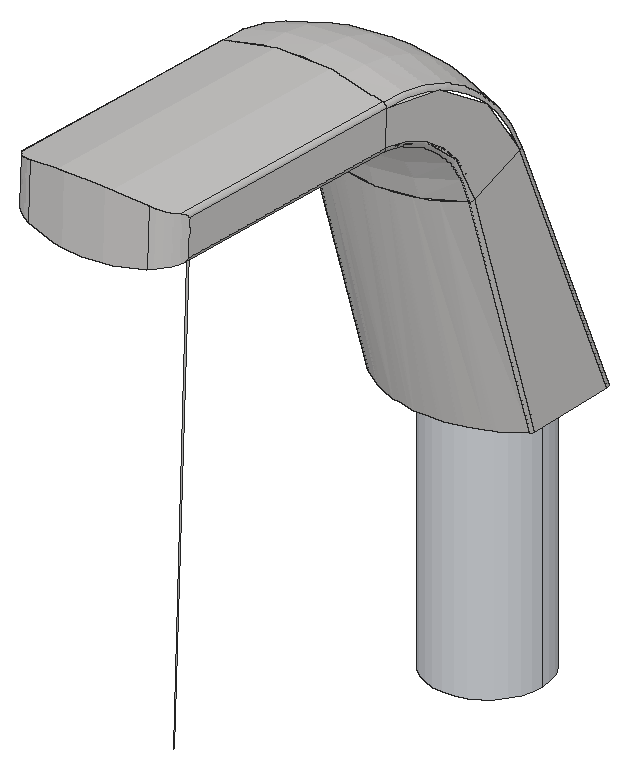
Revit family "TSL.R010", category Specialty Equipment, host Face, Revit 2017 (continued)
Definition of nested family "Family3"
  Lines and regions (mm)
    model lines, in view "Ref. Level"
      curve 543: line (11.204, -369.697, 0) -> (15.58, -369.697, 0)
      curve 544: line (15.58, -369.697, 0) -> (15.58, -369.225, 0)
      curve 545: line (15.58, -369.225, 0) -> (10.889, -369.225, 0)
      curve 546: line (167.716, -190.618, 0) -> (169.78, -192.752, 0)
      curve 547: line (150.46, -192.752, 0) -> (152.524, -190.618, 0)
      curve 548: line (163.985, -190.618, 0) -> (164.983, -192.753, 0)
      curve 549: line (163.985, -190.618, 0) -> (164.983, -192.753, 0)
      curve 550: line (156.386, -190.618, 0) -> (155.389, -192.752, 0)
      curve 551: line (156.386, -190.618, 0) -> (155.389, -192.752, 0)
      curve 552: line (155.385, -195.551, 0) -> (155.385, -192.752, 0)
      curve 553: line (155.385, -192.752, 0) -> (155.385, -195.551, 0)
      curve 554: line (164.983, -195.551, 0) -> (164.983, -192.753, 0)
      curve 555: line (164.983, -192.753, 0) -> (164.983, -195.551, 0)
      curve 556: line (163.252, -232.731, 0) -> (157.123, -232.731, 0)
      curve 557: line (157.123, -232.731, 0) -> (157.123, -257.624, 0)
      curve 558: line (157.123, -257.624, 0) -> (163.252, -257.624, 0)
      curve 559: line (163.252, -257.624, 0) -> (163.252, -232.731, 0)
      curve 560: line (139.261, -232.731, 0) -> (180.975, -232.731, 0)
      curve 561: line (180.975, -232.731, 0) -> (180.975, -210.343, 0)
      curve 562: line (180.975, -210.343, 0) -> (139.261, -210.343, 0)
      curve 563: line (139.261, -210.343, 0) -> (139.261, -232.731, 0)
      curve 564: line (150.459, -192.752, 0) -> (169.78, -192.752, 0)
      curve 565: line (169.78, -192.752, 0) -> (150.459, -192.752, 0)
      curve 566: line (150.459, -192.752, 0) -> (150.459, -195.551, 0)
      curve 567: line (150.459, -195.551, 0) -> (169.78, -195.551, 0)
      curve 568: line (169.78, -195.551, 0) -> (169.78, -192.752, 0)
      curve 569: line (167.716, -190.618, 0) -> (152.524, -190.618, 0)
      curve 570: line (170.848, -205.81, 0) -> (149.391, -205.81, 0)
      curve 571: line (149.391, -205.81, 0) -> (149.391, -195.551, 0)
      curve 572: line (149.391, -195.551, 0) -> (170.848, -195.551, 0)
      curve 573: line (170.848, -195.551, 0) -> (170.848, -205.81, 0)
      curve 574: line (168.049, -205.81, 0) -> (152.322, -205.81, 0)
      curve 575: line (152.322, -205.81, 0) -> (152.322, -210.343, 0)
      curve 576: line (152.322, -210.343, 0) -> (168.049, -210.343, 0)
      curve 577: line (168.049, -210.343, 0) -> (168.049, -205.81, 0)
      curve 578: line (180.043, -232.731, 0) -> (140.328, -232.731, 0)
      curve 579: line (140.328, -232.731, 0) -> (180.043, -232.731, 0)
      curve 580: line (139.261, -232.731, 0) -> (181.107, -232.731, 0)
      curve 581: line (181.107, -232.731, 0) -> (139.261, -232.731, 0)
      curve 582: line (153.122, -205.81, 0) -> (167.514, -205.81, 0)
      curve 583: line (157.519, -205.81, 0) -> (149.391, -205.81, 0)
      curve 584: line (149.391, -205.81, 0) -> (170.848, -205.81, 0)
      curve 585: line (182.044, -303.669, 0) -> (180.712, -306.402, 0)
      curve 586: arc (62.307, -268.349, 0) -> (73.739, -252.585, 0) -> (92.257, -246.562, 0) r 31.48
      curve 587: arc (116.167, -246.562, 0) -> (125.434, -249.579, 0) -> (131.148, -257.473, 0) r 15.74
      curve 588: arc (177.574, -414.407, 0) -> (175.285, -417.541, 0) -> (171.593, -418.737, 0) r 6.296
      curve 589: line (180.712, -403.217, 0) -> (180.249, -406.132, 0)
      curve 590: line (180.712, -300.928, 0) -> (182.044, -303.669, 0)
      curve 591: arc (140.868, -279.748, 0) -> (138.963, -279.248, 0) -> (137.684, -277.749, 0) r 3.292
      curve 592: arc (84.225, -286.058, 0) -> (78.341, -283.799, 0) -> (75.841, -278.014, 0) r 8.129
      curve 593: arc (75.841, -278.014, 0) -> (82.23, -261.722, 0) -> (98.226, -254.624, 0) r 23.031
      curve 594: arc (106.619, -254.624, 0) -> (119.733, -259.491, 0) -> (126.473, -271.749, 0) r 20.047
      curve 595: arc (126.566, -274.793, 0) -> (125.008, -278.281, 0) -> (121.675, -280.148, 0) r 6.074
      curve 596: arc (70.762, -278.014, 0) -> (75.479, -264.104, 0) -> (86.478, -254.371, 0) r 28.595
      curve 597: arc (86.478, -254.371, 0) -> (92.186, -252.335, 0) -> (98.184, -251.476, 0) r 30.296
      curve 598: arc (106.617, -251.476, 0) -> (121.861, -257.17, 0) -> (129.614, -271.477, 0) r 23.195
      curve 599: arc (156.592, -300.939, 0) -> (159.323, -303.669, 0) -> (156.592, -306.4, 0) r 2.731
      curve 600: arc (81.296, -306.4, 0) -> (78.566, -303.669, 0) -> (81.296, -300.939, 0) r 2.731
      curve 601: line (182.044, -397.629, 0) -> (180.712, -400.361, 0)
      curve 602: line (180.712, -394.888, 0) -> (182.044, -397.629, 0)
      curve 603: arc (156.592, -394.898, 0) -> (159.323, -397.629, 0) -> (156.592, -400.36, 0) r 2.731
      curve 604: arc (81.296, -400.36, 0) -> (78.566, -397.629, 0) -> (81.296, -394.898, 0) r 2.731
      curve 605: line (55.845, -303.669, 0) -> (57.177, -306.402, 0)
      curve 606: arc (66.296, -418.737, 0) -> (62.604, -417.541, 0) -> (60.315, -414.407, 0) r 6.296
      curve 607: line (57.177, -403.217, 0) -> (57.64, -406.132, 0)
      curve 608: line (57.177, -300.928, 0) -> (55.845, -303.669, 0)
      curve 609: line (92.257, -246.562, 0) -> (116.167, -246.562, 0)
      curve 610: line (131.148, -257.473, 0) -> (137.684, -277.749, 0)
      curve 611: line (171.593, -418.737, 0) -> (66.296, -418.737, 0)
      curve 612: line (180.312, -406.079, 0) -> (177.574, -414.407, 0)
      curve 613: line (180.712, -306.402, 0) -> (180.712, -394.888, 0)
      curve 614: line (180.712, -400.361, 0) -> (180.712, -403.28, 0)
      curve 615: line (180.712, -300.928, 0) -> (180.712, -294.694, 0)
      curve 616: line (180.712, -294.694, 0) -> (180.048, -289.076, 0)
      curve 617: line (180.048, -289.076, 0) -> (178.402, -279.748, 0)
      curve 618: line (179.516, -279.748, 0) -> (140.868, -279.748, 0)
      curve 619: line (140.868, -279.748, 0) -> (140.868, -277.282, 0)
      curve 620: line (140.868, -277.282, 0) -> (179.516, -277.282, 0)
      curve 621: line (179.516, -277.282, 0) -> (179.516, -279.748, 0)
      curve 622: line (176.979, -257.624, 0) -> (143.396, -257.624, 0)
      curve 623: line (143.396, -257.624, 0) -> (143.396, -277.282, 0)
      curve 624: line (143.396, -277.282, 0) -> (176.979, -277.282, 0)
      curve 625: line (176.979, -277.282, 0) -> (176.979, -257.624, 0)
      curve 626: line (121.675, -280.148, 0) -> (84.225, -286.058, 0)
      curve 627: line (98.226, -254.624, 0) -> (106.619, -254.624, 0)
      curve 628: line (126.473, -271.749, 0) -> (126.566, -274.793, 0)
      curve 629: line (98.184, -251.476, 0) -> (106.617, -251.476, 0)
      curve 630: line (129.614, -271.477, 0) -> (129.719, -274.881, 0)
      curve 631: line (156.592, -300.939, 0) -> (81.296, -300.939, 0)
      curve 632: line (156.592, -306.4, 0) -> (81.296, -306.4, 0)
      curve 633: line (156.592, -394.898, 0) -> (81.296, -394.898, 0)
      curve 634: line (156.592, -400.36, 0) -> (81.296, -400.36, 0)
      curve 635: line (57.577, -406.079, 0) -> (60.315, -414.407, 0)
      curve 636: line (57.177, -306.402, 0) -> (57.177, -394.888, 0)
      curve 637: line (57.177, -400.361, 0) -> (57.177, -403.28, 0)
      curve 638: line (57.177, -300.928, 0) -> (57.177, -294.694, 0)
      curve 639: line (55.845, -397.629, 0) -> (57.177, -400.361, 0)
      curve 640: line (57.177, -394.888, 0) -> (55.845, -397.629, 0)
      curve 641: arc (57.177, -294.694, 0) -> (58.987, -281.375, 0) -> (62.307, -268.349, 0) r 117.476
      curve 642: arc (26.493, 191.711, 0) -> (25.63, 190.458, 0) -> (26.491, 189.205, 0) r 1.342
      curve 643: arc (21.489, 191.711, 0) -> (22.352, 190.458, 0) -> (21.491, 189.205, 0) r 1.342
      curve 644: line (27.629, 197.065, 0) -> (26.697, 192.536, 0)
      curve 645: line (26.614, 192.536, 0) -> (26.493, 191.711, 0)
      curve 646: line (23.991, 197.862, 0) -> (27.458, 197.862, 0)
      curve 647: line (27.458, 197.862, 0) -> (27.723, 197.733, 0)
      curve 648: line (27.723, 197.733, 0) -> (27.458, 198.397, 0)
      curve 649: line (27.458, 198.397, 0) -> (23.991, 198.397, 0)
      curve 650: line (23.991, 198.397, 0) -> (20.523, 198.397, 0)
      curve 651: line (20.523, 198.397, 0) -> (20.523, 197.862, 0)
      curve 652: line (20.523, 197.862, 0) -> (23.991, 197.862, 0)
      curve 653: line (23.991, 197.862, 0) -> (27.723, 197.733, 0)
      curve 654: line (27.723, 197.733, 0) -> (27.723, 197.065, 0)
      curve 655: line (27.723, 197.065, 0) -> (23.991, 197.065, 0)
      curve 656: line (23.991, 197.065, 0) -> (20.259, 197.065, 0)
      curve 657: line (20.259, 197.065, 0) -> (20.259, 197.733, 0)
      curve 658: line (20.259, 197.733, 0) -> (23.991, 197.733, 0)
      curve 659: line (27.458, 198.397, 0) -> (27.723, 198.665, 0)
      curve 660: line (23.991, 200.261, 0) -> (20.259, 200.261, 0)
      curve 661: line (20.259, 200.261, 0) -> (20.259, 198.665, 0)
      curve 662: line (20.259, 198.665, 0) -> (23.991, 198.665, 0)
      curve 663: line (23.991, 198.665, 0) -> (27.723, 198.665, 0)
      curve 664: line (27.723, 198.665, 0) -> (27.723, 200.261, 0)
      curve 665: line (27.723, 200.261, 0) -> (23.991, 200.396, 0)
      curve 666: line (23.991, 200.396, 0) -> (20.523, 200.396, 0)
      curve 667: line (20.523, 200.396, 0) -> (20.523, 200.928, 0)
      curve 668: line (20.523, 200.928, 0) -> (23.991, 200.928, 0)
      curve 669: line (23.991, 200.928, 0) -> (27.458, 200.928, 0)
      curve 670: line (27.458, 200.928, 0) -> (27.458, 200.396, 0)
      curve 671: line (27.458, 200.396, 0) -> (27.723, 200.261, 0)
      curve 672: line (27.723, 200.261, 0) -> (23.991, 200.396, 0)
      curve 673: line (23.991, 201.196, 0) -> (27.458, 200.928, 0)
      curve 674: line (27.458, 200.928, 0) -> (27.723, 201.196, 0)
      curve 675: line (27.723, 201.196, 0) -> (27.723, 205.058, 0)
      curve 676: line (27.723, 205.058, 0) -> (23.991, 205.058, 0)
      curve 677: line (23.991, 205.058, 0) -> (20.259, 205.058, 0)
      curve 678: line (20.259, 205.058, 0) -> (20.259, 201.196, 0)
      curve 679: line (20.259, 201.196, 0) -> (23.991, 201.196, 0)
      curve 680: line (27.458, 205.193, 0) -> (27.723, 205.058, 0)
      curve 681: line (23.991, 205.729, 0) -> (27.458, 205.729, 0)
      curve 682: line (27.458, 205.729, 0) -> (27.723, 205.993, 0)
      curve 683: line (27.723, 205.993, 0) -> (27.458, 205.193, 0)
      curve 684: line (27.458, 205.193, 0) -> (23.991, 205.193, 0)
      curve 685: line (23.991, 205.193, 0) -> (20.523, 205.193, 0)
      curve 686: line (20.523, 205.193, 0) -> (20.523, 205.729, 0)
      curve 687: line (20.523, 205.729, 0) -> (23.991, 205.729, 0)
      curve 688: line (23.991, 205.729, 0) -> (27.723, 205.993, 0)
      curve 689: line (27.723, 205.993, 0) -> (27.723, 207.592, 0)
      curve 690: line (27.723, 207.592, 0) -> (23.991, 207.592, 0)
      curve 691: line (23.991, 207.592, 0) -> (20.259, 207.592, 0)
      curve 692: line (20.259, 207.592, 0) -> (20.259, 205.993, 0)
      curve 693: line (20.259, 205.993, 0) -> (23.991, 205.993, 0)
      curve 694: line (23.991, 207.857, 0) -> (20.523, 207.857, 0)
      curve 695: line (20.523, 207.857, 0) -> (20.523, 208.256, 0)
      curve 696: line (20.523, 208.256, 0) -> (23.991, 208.256, 0)
      curve 697: line (23.991, 208.256, 0) -> (27.458, 207.857, 0)
      curve 698: line (27.458, 207.857, 0) -> (27.723, 208.524, 0)
      curve 699: line (27.723, 208.524, 0) -> (27.458, 207.857, 0)
      curve 700: line (27.458, 207.857, 0) -> (27.723, 207.592, 0)
      curve 701: line (27.723, 207.592, 0) -> (23.991, 207.857, 0)
      curve 702: line (23.991, 208.524, 0) -> (27.723, 208.524, 0)
      curve 703: line (27.723, 208.524, 0) -> (27.723, 214.788, 0)
      curve 704: line (27.723, 214.788, 0) -> (23.991, 214.788, 0)
      curve 705: line (23.991, 214.788, 0) -> (20.259, 214.788, 0)
      curve 706: line (20.259, 214.788, 0) -> (20.259, 208.524, 0)
      curve 707: line (20.259, 208.524, 0) -> (23.991, 208.524, 0)
      curve 708: line (23.991, 186.406, 0) -> (26.488, 186.406, 0)
      curve 709: line (26.488, 186.406, 0) -> (26.488, 189.205, 0)
      curve 710: line (26.488, 189.205, 0) -> (23.991, 189.205, 0)
      curve 711: line (23.991, 189.205, 0) -> (21.491, 189.205, 0)
      curve 712: line (21.491, 189.205, 0) -> (21.491, 186.406, 0)
      curve 713: line (21.491, 186.406, 0) -> (23.991, 186.406, 0)
      curve 714: line (20.353, 197.065, 0) -> (21.284, 192.536, 0)
      curve 715: line (21.368, 192.536, 0) -> (21.489, 191.711, 0)
      curve 716: line (20.523, 197.862, 0) -> (20.259, 197.733, 0)
      curve 717: line (20.523, 198.397, 0) -> (20.259, 198.665, 0)
      curve 718: line (20.523, 200.396, 0) -> (20.259, 200.261, 0)
      curve 719: line (20.523, 200.928, 0) -> (20.259, 201.196, 0)
      curve 720: line (20.523, 205.193, 0) -> (20.259, 205.058, 0)
      curve 721: line (20.523, 205.729, 0) -> (20.259, 205.993, 0)
      curve 722: line (20.259, 208.524, 0) -> (20.523, 207.857, 0)
      curve 723: line (20.523, 207.857, 0) -> (20.259, 207.592, 0)
      curve 724: arc (21.592, 231.099, 0) -> (22.792, 229.9, 0) -> (21.592, 228.7, 0) r 1.199
      curve 725: arc (21.192, 212.71, 0) -> (20.86, 212.378, 0) -> (21.192, 212.046, 0) r 0.332
      curve 726: arc (21.192, 210.513, 0) -> (20.86, 210.181, 0) -> (21.192, 209.849, 0) r 0.332
      curve 727: arc (21.192, 208.314, 0) -> (20.86, 207.982, 0) -> (21.192, 207.65, 0) r 0.332
      curve 728: arc (26.789, 207.65, 0) -> (27.122, 207.982, 0) -> (26.789, 208.314, 0) r 0.332
      curve 729: arc (26.789, 209.849, 0) -> (27.122, 210.181, 0) -> (26.789, 210.513, 0) r 0.332
      curve 730: arc (26.789, 212.046, 0) -> (27.122, 212.378, 0) -> (26.789, 212.71, 0) r 0.332
      curve 731: arc (26.39, 228.7, 0) -> (25.19, 229.9, 0) -> (26.39, 231.099, 0) r 1.199
      curve 732: line (26.789, 207.651, 0) -> (21.192, 207.651, 0)
      curve 733: line (21.192, 207.651, 0) -> (21.192, 205.783, 0)
      curve 734: line (21.192, 205.783, 0) -> (23.991, 205.783, 0)
      curve 735: line (23.991, 205.783, 0) -> (26.789, 205.783, 0)
      curve 736: line (26.789, 205.783, 0) -> (26.789, 207.65, 0)
      curve 737: line (26.789, 208.314, 0) -> (26.789, 209.849, 0)
      curve 738: line (26.789, 209.849, 0) -> (21.192, 209.849, 0)
      curve 739: line (21.192, 209.849, 0) -> (21.192, 208.314, 0)
      curve 740: line (21.192, 208.314, 0) -> (26.789, 208.314, 0)
      curve 741: line (26.789, 210.513, 0) -> (26.789, 212.046, 0)
      curve 742: line (26.789, 212.046, 0) -> (21.192, 212.046, 0)
      curve 743: line (21.192, 212.046, 0) -> (21.192, 210.513, 0)
      curve 744: line (21.192, 210.513, 0) -> (26.789, 210.513, 0)
      curve 745: line (26.789, 212.71, 0) -> (21.192, 212.71, 0)
      curve 746: line (21.192, 212.71, 0) -> (21.192, 213.644, 0)
      curve 747: line (21.192, 213.644, 0) -> (20.793, 213.644, 0)
      curve 748: line (20.793, 213.644, 0) -> (20.793, 215.375, 0)
      curve 749: line (20.793, 215.375, 0) -> (21.192, 215.643, 0)
      curve 750: line (21.192, 215.643, 0) -> (21.192, 216.578, 0)
      curve 751: line (21.192, 216.578, 0) -> (21.057, 216.71, 0)
      curve 752: line (21.057, 216.71, 0) -> (21.057, 218.041, 0)
      curve 753: line (21.057, 218.041, 0) -> (21.192, 218.177, 0)
      curve 754: line (21.192, 218.177, 0) -> (21.192, 219.108, 0)
      curve 755: line (21.192, 219.108, 0) -> (21.057, 219.241, 0)
      curve 756: line (21.057, 219.241, 0) -> (21.057, 220.575, 0)
      curve 757: line (21.057, 220.575, 0) -> (21.328, 220.708, 0)
      curve 758: line (21.328, 220.708, 0) -> (21.328, 221.639, 0)
      curve 759: line (21.328, 221.639, 0) -> (20.928, 221.639, 0)
      curve 760: line (20.928, 221.639, 0) -> (20.928, 223.239, 0)
      curve 761: line (20.928, 223.239, 0) -> (21.328, 223.239, 0)
      curve 762: line (21.328, 223.239, 0) -> (21.328, 224.306, 0)
      curve 763: line (21.328, 224.306, 0) -> (20.928, 224.306, 0)
      curve 764: line (20.928, 224.438, 0) -> (21.328, 224.438, 0)
      curve 765: line (21.328, 224.438, 0) -> (21.592, 228.436, 0)
      curve 766: line (21.592, 228.436, 0) -> (21.592, 228.7, 0)
      curve 767: line (21.592, 228.7, 0) -> (26.39, 228.7, 0)
      curve 768: line (26.39, 228.7, 0) -> (26.39, 228.436, 0)
      curve 769: line (26.39, 228.436, 0) -> (26.654, 224.438, 0)
      curve 770: line (26.654, 224.438, 0) -> (27.054, 224.438, 0)
      curve 771: line (27.054, 224.306, 0) -> (26.654, 224.306, 0)
      curve 772: line (26.654, 224.306, 0) -> (26.654, 223.239, 0)
      curve 773: line (26.654, 223.239, 0) -> (27.054, 223.239, 0)
      curve 774: line (27.054, 223.239, 0) -> (27.054, 221.639, 0)
      curve 775: line (27.054, 221.639, 0) -> (26.654, 221.639, 0)
      curve 776: line (26.654, 221.639, 0) -> (26.654, 220.708, 0)
      curve 777: line (26.654, 220.708, 0) -> (26.925, 220.575, 0)
      curve 778: line (26.925, 220.575, 0) -> (26.925, 219.241, 0)
      curve 779: line (26.925, 219.241, 0) -> (26.789, 219.108, 0)
      curve 780: line (26.789, 219.108, 0) -> (26.789, 218.177, 0)
      curve 781: line (26.789, 218.177, 0) -> (26.925, 218.041, 0)
      curve 782: line (26.925, 218.041, 0) -> (26.925, 216.71, 0)
      curve 783: line (26.925, 216.71, 0) -> (26.789, 216.578, 0)
      curve 784: line (26.789, 216.578, 0) -> (26.789, 215.643, 0)
      curve 785: line (26.789, 215.643, 0) -> (27.189, 215.375, 0)
      curve 786: line (27.189, 215.375, 0) -> (27.189, 213.644, 0)
      curve 787: line (27.189, 213.644, 0) -> (26.789, 213.644, 0)
      curve 788: line (26.789, 213.644, 0) -> (26.789, 212.71, 0)
      curve 789: line (21.926, 234.033, 0) -> (21.592, 233.768, 0)
      curve 790: line (21.592, 233.768, 0) -> (21.592, 231.099, 0)
      curve 791: line (21.592, 231.099, 0) -> (26.39, 231.099, 0)
      curve 792: line (26.39, 231.099, 0) -> (26.39, 233.768, 0)
      curve 793: line (26.39, 233.768, 0) -> (26.056, 234.033, 0)
      curve 794: line (26.056, 234.033, 0) -> (21.926, 234.033, 0)
      curve 795: line (21.926, 234.033, 0) -> (26.39, 233.768, 0)
      curve 796: line (26.654, 224.306, 0) -> (21.328, 224.438, 0)
      curve 797: line (21.328, 224.438, 0) -> (26.654, 224.438, 0)
      curve 798: line (26.654, 223.239, 0) -> (21.328, 223.239, 0)
      curve 799: line (21.328, 221.639, 0) -> (26.654, 221.639, 0)
      curve 800: line (26.654, 220.708, 0) -> (21.328, 220.708, 0)
      curve 801: line (21.328, 220.708, 0) -> (26.925, 220.575, 0)
      curve 802: line (26.789, 219.108, 0) -> (21.057, 219.241, 0)
      curve 803: line (21.057, 219.241, 0) -> (26.925, 219.241, 0)
      curve 804: line (26.789, 218.177, 0) -> (21.057, 218.044, 0)
      curve 805: line (21.057, 218.044, 0) -> (26.925, 218.044, 0)
      curve 806: line (26.789, 216.574, 0) -> (21.057, 216.707, 0)
      curve 807: line (21.057, 216.707, 0) -> (26.925, 216.707, 0)
      curve 808: line (27.189, 215.375, 0) -> (21.192, 215.643, 0)
      curve 809: line (21.192, 215.643, 0) -> (26.789, 215.643, 0)
      curve 810: line (21.192, 213.644, 0) -> (26.789, 213.644, 0)
      curve 811: arc (3.508, 228.729, 0) -> (4.37, 229.981, 0) -> (3.509, 231.234, 0) r 1.342
      curve 812: arc (8.512, 228.729, 0) -> (7.649, 229.981, 0) -> (8.51, 231.234, 0) r 1.342
      curve 813: line (2.372, 223.374, 0) -> (3.303, 227.904, 0)
      curve 814: line (3.387, 227.904, 0) -> (3.508, 228.729, 0)
      curve 815: line (6.01, 222.578, 0) -> (2.542, 222.578, 0)
      curve 816: line (2.542, 222.578, 0) -> (2.278, 222.707, 0)
      curve 817: line (2.278, 222.707, 0) -> (2.542, 222.042, 0)
      curve 818: line (2.542, 222.042, 0) -> (6.01, 222.042, 0)
      curve 819: line (6.01, 222.042, 0) -> (9.477, 222.042, 0)
      curve 820: line (9.477, 222.042, 0) -> (9.477, 222.578, 0)
      curve 821: line (9.477, 222.578, 0) -> (6.01, 222.578, 0)
      curve 822: line (6.01, 222.578, 0) -> (2.278, 222.707, 0)
      curve 823: line (2.278, 222.707, 0) -> (2.278, 223.374, 0)
      curve 824: line (2.278, 223.374, 0) -> (6.01, 223.374, 0)
      curve 825: line (6.01, 223.374, 0) -> (9.742, 223.374, 0)
      curve 826: line (9.742, 223.374, 0) -> (9.742, 222.707, 0)
      curve 827: line (9.742, 222.707, 0) -> (6.01, 222.707, 0)
      curve 828: line (2.542, 222.042, 0) -> (2.278, 221.775, 0)
      curve 829: line (6.01, 220.179, 0) -> (9.742, 220.179, 0)
      curve 830: line (9.742, 220.179, 0) -> (9.742, 221.775, 0)
      curve 831: line (9.742, 221.775, 0) -> (6.01, 221.775, 0)
      curve 832: line (6.01, 221.775, 0) -> (2.278, 221.775, 0)
      curve 833: line (2.278, 221.775, 0) -> (2.278, 220.179, 0)
      curve 834: line (2.278, 220.179, 0) -> (6.01, 220.043, 0)
      curve 835: line (6.01, 220.043, 0) -> (9.477, 220.043, 0)
      curve 836: line (9.477, 220.043, 0) -> (9.477, 219.511, 0)
      curve 837: line (9.477, 219.511, 0) -> (6.01, 219.511, 0)
      curve 838: line (6.01, 219.511, 0) -> (2.542, 219.511, 0)
      curve 839: line (2.542, 219.511, 0) -> (2.542, 220.043, 0)
      curve 840: line (2.542, 220.043, 0) -> (2.278, 220.179, 0)
      curve 841: line (2.278, 220.179, 0) -> (6.01, 220.043, 0)
      curve 842: line (6.01, 219.244, 0) -> (2.542, 219.511, 0)
      curve 843: line (2.542, 219.511, 0) -> (2.278, 219.244, 0)
      curve 844: line (2.278, 219.244, 0) -> (2.278, 215.381, 0)
      curve 845: line (2.278, 215.381, 0) -> (6.01, 215.381, 0)
      curve 846: line (6.01, 215.381, 0) -> (9.742, 215.381, 0)
      curve 847: line (9.742, 215.381, 0) -> (9.742, 219.244, 0)
      curve 848: line (9.742, 219.244, 0) -> (6.01, 219.244, 0)
      curve 849: line (2.542, 215.246, 0) -> (2.278, 215.381, 0)
      curve 850: line (6.01, 214.711, 0) -> (2.542, 214.711, 0)
      curve 851: line (2.542, 214.711, 0) -> (2.278, 214.446, 0)
      curve 852: line (2.278, 214.446, 0) -> (2.542, 215.246, 0)
      curve 853: line (2.542, 215.246, 0) -> (6.01, 215.246, 0)
      curve 854: line (6.01, 215.246, 0) -> (9.477, 215.246, 0)
      curve 855: line (9.477, 215.246, 0) -> (9.477, 214.711, 0)
      curve 856: line (9.477, 214.711, 0) -> (6.01, 214.711, 0)
      curve 857: line (6.01, 214.711, 0) -> (2.278, 214.446, 0)
      curve 858: line (2.278, 214.446, 0) -> (2.278, 212.847, 0)
      curve 859: line (2.278, 212.847, 0) -> (6.01, 212.847, 0)
      curve 860: line (6.01, 212.847, 0) -> (9.742, 212.847, 0)
      curve 861: line (9.742, 212.847, 0) -> (9.742, 214.446, 0)
      curve 862: line (9.742, 214.446, 0) -> (6.01, 214.446, 0)
      curve 863: line (6.01, 212.583, 0) -> (9.477, 212.583, 0)
      curve 864: line (9.477, 212.583, 0) -> (9.477, 212.183, 0)
      curve 865: line (9.477, 212.183, 0) -> (6.01, 212.183, 0)
      curve 866: line (6.01, 212.183, 0) -> (2.542, 212.583, 0)
      curve 867: line (2.542, 212.583, 0) -> (2.278, 211.915, 0)
      curve 868: line (2.278, 211.915, 0) -> (2.542, 212.583, 0)
      curve 869: line (2.542, 212.583, 0) -> (2.278, 212.847, 0)
      curve 870: line (2.278, 212.847, 0) -> (6.01, 212.583, 0)
      curve 871: line (6.01, 211.915, 0) -> (2.278, 211.915, 0)
      curve 872: line (2.278, 211.915, 0) -> (2.278, 205.651, 0)
      curve 873: line (2.278, 205.651, 0) -> (6.01, 205.651, 0)
      curve 874: line (6.01, 205.651, 0) -> (9.742, 205.651, 0)
      curve 875: line (9.742, 205.651, 0) -> (9.742, 211.915, 0)
      curve 876: line (9.742, 211.915, 0) -> (6.01, 211.915, 0)
      curve 877: line (6.01, 234.033, 0) -> (3.513, 234.033, 0)
      curve 878: line (3.513, 234.033, 0) -> (3.513, 231.234, 0)
      curve 879: line (3.513, 231.234, 0) -> (6.01, 231.234, 0)
      curve 880: line (6.01, 231.234, 0) -> (8.51, 231.234, 0)
      curve 881: line (8.51, 231.234, 0) -> (8.51, 234.033, 0)
      curve 882: line (8.51, 234.033, 0) -> (6.01, 234.033, 0)
      curve 883: line (9.648, 223.374, 0) -> (8.716, 227.904, 0)
      curve 884: line (8.633, 227.904, 0) -> (8.512, 228.729, 0)
      curve 885: line (9.477, 222.578, 0) -> (9.742, 222.707, 0)
      curve 886: line (9.477, 222.042, 0) -> (9.742, 221.775, 0)
      curve 887: line (9.477, 220.043, 0) -> (9.742, 220.179, 0)
      curve 888: line (9.477, 219.511, 0) -> (9.742, 219.244, 0)
      curve 889: line (9.477, 215.246, 0) -> (9.742, 215.381, 0)
      curve 890: line (9.477, 214.711, 0) -> (9.742, 214.446, 0)
      curve 891: line (9.742, 211.915, 0) -> (9.477, 212.583, 0)
      curve 892: line (9.477, 212.583, 0) -> (9.742, 212.847, 0)
      curve 893: arc (8.408, 189.34, 0) -> (7.209, 190.54, 0) -> (8.408, 191.739, 0) r 1.199
      curve 894: arc (8.808, 207.729, 0) -> (9.14, 208.061, 0) -> (8.808, 208.393, 0) r 0.332
      curve 895: arc (8.808, 209.926, 0) -> (9.14, 210.259, 0) -> (8.808, 210.591, 0) r 0.332
      curve 896: arc (8.808, 212.125, 0) -> (9.14, 212.457, 0) -> (8.808, 212.789, 0) r 0.332
      curve 897: arc (3.211, 212.789, 0) -> (2.879, 212.457, 0) -> (3.211, 212.125, 0) r 0.332
      curve 898: arc (3.211, 210.591, 0) -> (2.879, 210.259, 0) -> (3.211, 209.926, 0) r 0.332
      curve 899: arc (3.211, 208.393, 0) -> (2.879, 208.061, 0) -> (3.211, 207.729, 0) r 0.332
      curve 900: arc (3.611, 191.739, 0) -> (4.81, 190.54, 0) -> (3.611, 189.34, 0) r 1.199
      curve 901: line (3.211, 212.788, 0) -> (8.808, 212.788, 0)
      curve 902: line (8.808, 212.788, 0) -> (8.808, 214.656, 0)
      curve 903: line (8.808, 214.656, 0) -> (6.01, 214.656, 0)
      curve 904: line (6.01, 214.656, 0) -> (3.211, 214.656, 0)
      curve 905: line (3.211, 214.656, 0) -> (3.211, 212.789, 0)
      curve 906: line (3.211, 212.125, 0) -> (3.211, 210.591, 0)
      curve 907: line (3.211, 210.591, 0) -> (8.808, 210.591, 0)
      curve 908: line (8.808, 210.591, 0) -> (8.808, 212.125, 0)
      curve 909: line (8.808, 212.125, 0) -> (3.211, 212.125, 0)
      curve 910: line (3.211, 209.926, 0) -> (3.211, 208.393, 0)
      curve 911: line (3.211, 208.393, 0) -> (8.808, 208.393, 0)
      curve 912: line (8.808, 208.393, 0) -> (8.808, 209.926, 0)
      curve 913: line (8.808, 209.926, 0) -> (3.211, 209.926, 0)
      curve 914: line (3.211, 207.729, 0) -> (8.808, 207.729, 0)
      curve 915: line (8.808, 207.729, 0) -> (8.808, 206.796, 0)
      curve 916: line (8.808, 206.796, 0) -> (9.208, 206.796, 0)
      curve 917: line (9.208, 206.796, 0) -> (9.208, 205.064, 0)
      curve 918: line (9.208, 205.064, 0) -> (8.808, 204.797, 0)
      curve 919: line (8.808, 204.797, 0) -> (8.808, 203.862, 0)
      curve 920: line (8.808, 203.862, 0) -> (8.944, 203.73, 0)
      curve 921: line (8.944, 203.73, 0) -> (8.944, 202.398, 0)
      curve 922: line (8.944, 202.398, 0) -> (8.808, 202.263, 0)
      curve 923: line (8.808, 202.263, 0) -> (8.808, 201.331, 0)
      curve 924: line (8.808, 201.331, 0) -> (8.944, 201.199, 0)
      curve 925: line (8.944, 201.199, 0) -> (8.944, 199.864, 0)
      curve 926: line (8.944, 199.864, 0) -> (8.673, 199.732, 0)
      curve 927: line (8.673, 199.732, 0) -> (8.673, 198.8, 0)
      curve 928: line (8.673, 198.8, 0) -> (9.073, 198.8, 0)
      curve 929: line (9.073, 198.8, 0) -> (9.073, 197.201, 0)
      curve 930: line (9.073, 197.201, 0) -> (8.673, 197.201, 0)
      curve 931: line (8.673, 197.201, 0) -> (8.673, 196.134, 0)
      curve 932: line (8.673, 196.134, 0) -> (9.073, 196.134, 0)
      curve 933: line (9.073, 196.001, 0) -> (8.673, 196.001, 0)
      curve 934: line (8.673, 196.001, 0) -> (8.408, 192.004, 0)
      curve 935: line (8.408, 192.004, 0) -> (8.408, 191.739, 0)
      curve 936: line (8.408, 191.739, 0) -> (3.611, 191.739, 0)
      curve 937: line (3.611, 191.739, 0) -> (3.611, 192.004, 0)
      curve 938: line (3.611, 192.004, 0) -> (3.347, 196.001, 0)
      curve 939: line (3.347, 196.001, 0) -> (2.947, 196.001, 0)
      curve 940: line (2.947, 196.134, 0) -> (3.347, 196.134, 0)
      curve 941: line (3.347, 196.134, 0) -> (3.347, 197.201, 0)
      curve 942: line (3.347, 197.201, 0) -> (2.947, 197.201, 0)
      curve 943: line (2.947, 197.201, 0) -> (2.947, 198.8, 0)
      curve 944: line (2.947, 198.8, 0) -> (3.347, 198.8, 0)
      curve 945: line (3.347, 198.8, 0) -> (3.347, 199.732, 0)
      curve 946: line (3.347, 199.732, 0) -> (3.076, 199.864, 0)
      curve 947: line (3.076, 199.864, 0) -> (3.076, 201.199, 0)
      curve 948: line (3.076, 201.199, 0) -> (3.211, 201.331, 0)
      curve 949: line (3.211, 201.331, 0) -> (3.211, 202.263, 0)
      curve 950: line (3.211, 202.263, 0) -> (3.076, 202.398, 0)
      curve 951: line (3.076, 202.398, 0) -> (3.076, 203.73, 0)
      curve 952: line (3.076, 203.73, 0) -> (3.211, 203.862, 0)
      curve 953: line (3.211, 203.862, 0) -> (3.211, 204.797, 0)
      curve 954: line (3.211, 204.797, 0) -> (2.811, 205.064, 0)
      curve 955: line (2.811, 205.064, 0) -> (2.811, 206.796, 0)
      curve 956: line (2.811, 206.796, 0) -> (3.211, 206.796, 0)
      curve 957: line (3.211, 206.796, 0) -> (3.211, 207.729, 0)
      curve 958: line (8.075, 186.406, 0) -> (8.408, 186.671, 0)
      curve 959: line (8.408, 186.671, 0) -> (8.408, 189.34, 0)
      curve 960: line (8.408, 189.34, 0) -> (3.611, 189.34, 0)
      curve 961: line (3.611, 189.34, 0) -> (3.611, 186.671, 0)
      curve 962: line (3.611, 186.671, 0) -> (3.945, 186.406, 0)
      curve 963: line (3.945, 186.406, 0) -> (8.075, 186.406, 0)
      curve 964: line (8.075, 186.406, 0) -> (3.611, 186.671, 0)
      curve 965: line (3.347, 196.134, 0) -> (8.673, 196.001, 0)
      curve 966: line (8.673, 196.001, 0) -> (3.347, 196.001, 0)
      curve 967: line (3.347, 197.201, 0) -> (8.673, 197.201, 0)
      curve 968: line (8.673, 198.8, 0) -> (3.347, 198.8, 0)
      curve 969: line (3.347, 199.732, 0) -> (8.673, 199.732, 0)
      curve 970: line (8.673, 199.732, 0) -> (3.076, 199.864, 0)
      curve 971: line (3.211, 201.331, 0) -> (8.944, 201.199, 0)
      curve 972: line (8.944, 201.199, 0) -> (3.076, 201.199, 0)
      curve 973: line (3.211, 202.263, 0) -> (8.944, 202.395, 0)
      curve 974: line (8.944, 202.395, 0) -> (3.076, 202.395, 0)
      curve 975: line (3.211, 203.865, 0) -> (8.944, 203.733, 0)
      curve 976: line (8.944, 203.733, 0) -> (3.076, 203.733, 0)
      curve 977: line (2.811, 205.064, 0) -> (8.808, 204.797, 0)
      curve 978: line (8.808, 204.797, 0) -> (3.211, 204.797, 0)
      curve 979: line (8.808, 206.796, 0) -> (3.211, 206.796, 0)
      curve 980: arc (79.407, 196.5, 0) -> (79.17, 196.393, 0) -> (79.095, 196.143, 0) r 0.315
      curve 981: arc (76.013, 203.231, 0) -> (76.207, 202.804, 0) -> (76.642, 202.629, 0) r 0.63
      curve 982: arc (74.247, 234.216, 0) -> (73.802, 234.032, 0) -> (73.618, 233.586, 0) r 0.63
      curve 983: arc (73.618, 227.649, 0) -> (73.802, 227.204, 0) -> (74.247, 227.02, 0) r 0.63
      curve 984: arc (84.67, 196.143, 0) -> (84.595, 196.393, 0) -> (84.358, 196.5, 0) r 0.315
      curve 985: arc (87.123, 202.629, 0) -> (87.558, 202.804, 0) -> (87.752, 203.231, 0) r 0.63
      curve 986: arc (90.148, 233.586, 0) -> (89.963, 234.032, 0) -> (89.518, 234.216, 0) r 0.63
      curve 987: arc (89.518, 227.02, 0) -> (89.963, 227.204, 0) -> (90.148, 227.649, 0) r 0.63
      curve 988: arc (79.095, 240.702, 0) -> (79.17, 240.453, 0) -> (79.407, 240.345, 0) r 0.315
      curve 989: arc (84.358, 240.345, 0) -> (84.595, 240.453, 0) -> (84.67, 240.702, 0) r 0.315
      curve 990: line (79.618, 196.5, 0) -> (79.618, 201.033, 0)
      curve 991: line (79.618, 201.033, 0) -> (78.015, 202.629, 0)
      curve 992: line (73.618, 227.649, 0) -> (73.618, 233.586, 0)
      curve 993: line (74.247, 234.216, 0) -> (81.883, 234.216, 0)
      curve 994: line (81.883, 234.216, 0) -> (89.518, 234.216, 0)
      curve 995: line (74.247, 227.02, 0) -> (81.883, 227.02, 0)
      curve 996: line (81.883, 227.02, 0) -> (89.518, 227.02, 0)
      curve 997: line (76.642, 202.629, 0) -> (81.883, 202.629, 0)
      curve 998: line (81.883, 202.629, 0) -> (87.123, 202.629, 0)
      curve 999: line (79.618, 201.033, 0) -> (81.883, 201.033, 0)
      curve 1000: line (81.883, 201.033, 0) -> (84.148, 201.033, 0)
      curve 1001: line (85.75, 202.629, 0) -> (84.148, 201.033, 0)
      curve 1002: line (84.148, 201.033, 0) -> (84.148, 196.5, 0)
      curve 1003: line (84.148, 196.5, 0) -> (81.883, 196.186, 0)
      curve 1004: line (81.883, 196.186, 0) -> (84.67, 196.143, 0)
      curve 1005: line (84.67, 196.143, 0) -> (83.883, 190.371, 0)
      curve 1006: line (83.883, 190.371, 0) -> (81.883, 190.371, 0)
      curve 1007: line (81.883, 190.371, 0) -> (79.882, 190.371, 0)
      curve 1008: line (79.882, 190.371, 0) -> (79.095, 196.143, 0)
      curve 1009: line (79.095, 196.143, 0) -> (81.883, 196.5, 0)
      curve 1010: line (81.883, 196.5, 0) -> (79.092, 196.186, 0)
      curve 1011: line (88.816, 227.02, 0) -> (87.752, 203.231, 0)
      curve 1012: line (87.752, 203.231, 0) -> (81.883, 203.231, 0)
      curve 1013: line (81.883, 203.231, 0) -> (76.013, 203.231, 0)
      curve 1014: line (76.013, 203.231, 0) -> (74.949, 227.02, 0)
      curve 1015: line (90.148, 227.649, 0) -> (90.148, 233.586, 0)
      curve 1016: line (79.618, 240.345, 0) -> (79.618, 235.812, 0)
      curve 1017: line (79.618, 235.812, 0) -> (78.015, 234.216, 0)
      curve 1018: line (79.618, 235.812, 0) -> (81.883, 235.812, 0)
      curve 1019: line (81.883, 235.812, 0) -> (84.148, 235.812, 0)
      curve 1020: line (84.148, 240.345, 0) -> (84.148, 235.812, 0)
      curve 1021: line (84.148, 235.812, 0) -> (85.75, 234.216, 0)
      curve 1022: line (84.673, 240.66, 0) -> (81.883, 240.345, 0)
      curve 1023: line (81.883, 240.345, 0) -> (84.67, 240.702, 0)
      curve 1024: line (84.67, 240.702, 0) -> (83.883, 246.474, 0)
      curve 1025: line (83.883, 246.474, 0) -> (81.883, 246.474, 0)
      curve 1026: line (81.883, 246.474, 0) -> (79.882, 246.474, 0)
      curve 1027: line (79.882, 246.474, 0) -> (79.095, 240.702, 0)
      curve 1028: line (79.095, 240.702, 0) -> (81.883, 240.345, 0)
      curve 1029: line (81.883, 240.345, 0) -> (79.092, 240.66, 0)
      curve 1030: arc (79.407, 279.125, 0) -> (79.17, 279.017, 0) -> (79.095, 278.767, 0) r 0.315
      curve 1031: arc (76.013, 285.855, 0) -> (76.207, 285.428, 0) -> (76.642, 285.254, 0) r 0.63
      curve 1032: arc (74.247, 316.84, 0) -> (73.802, 316.656, 0) -> (73.618, 316.211, 0) r 0.63
      curve 1033: arc (73.618, 310.274, 0) -> (73.802, 309.828, 0) -> (74.247, 309.644, 0) r 0.63
      curve 1034: arc (84.67, 278.767, 0) -> (84.595, 279.017, 0) -> (84.358, 279.125, 0) r 0.315
      curve 1035: arc (87.123, 285.254, 0) -> (87.558, 285.428, 0) -> (87.752, 285.855, 0) r 0.63
      curve 1036: arc (90.148, 316.211, 0) -> (89.963, 316.656, 0) -> (89.518, 316.84, 0) r 0.63
      curve 1037: arc (89.518, 309.644, 0) -> (89.963, 309.828, 0) -> (90.148, 310.274, 0) r 0.63
      curve 1038: arc (79.095, 323.327, 0) -> (79.17, 323.077, 0) -> (79.407, 322.969, 0) r 0.315
      curve 1039: arc (84.358, 322.969, 0) -> (84.595, 323.077, 0) -> (84.67, 323.327, 0) r 0.315
      curve 1040: line (79.618, 279.125, 0) -> (79.618, 283.658, 0)
      curve 1041: line (79.618, 283.658, 0) -> (78.015, 285.254, 0)
      curve 1042: line (73.618, 310.274, 0) -> (73.618, 316.211, 0)
      curve 1043: line (74.247, 316.84, 0) -> (81.883, 316.84, 0)
      curve 1044: line (81.883, 316.84, 0) -> (89.518, 316.84, 0)
      curve 1045: line (74.247, 309.644, 0) -> (81.883, 309.644, 0)
      curve 1046: line (81.883, 309.644, 0) -> (89.518, 309.644, 0)
      curve 1047: line (76.642, 285.254, 0) -> (81.883, 285.254, 0)
      curve 1048: line (81.883, 285.254, 0) -> (87.123, 285.254, 0)
      curve 1049: line (79.618, 283.658, 0) -> (81.883, 283.658, 0)
      curve 1050: line (81.883, 283.658, 0) -> (84.148, 283.658, 0)
      curve 1051: line (85.75, 285.254, 0) -> (84.148, 283.658, 0)
      curve 1052: line (84.148, 283.658, 0) -> (84.148, 279.125, 0)
      curve 1053: line (84.148, 279.125, 0) -> (81.883, 278.81, 0)
      curve 1054: line (81.883, 278.81, 0) -> (84.67, 278.767, 0)
      curve 1055: line (84.67, 278.767, 0) -> (83.883, 272.996, 0)
      curve 1056: line (83.883, 272.996, 0) -> (81.883, 272.996, 0)
      curve 1057: line (81.883, 272.996, 0) -> (79.882, 272.996, 0)
      curve 1058: line (79.882, 272.996, 0) -> (79.095, 278.767, 0)
      curve 1059: line (79.095, 278.767, 0) -> (81.883, 279.125, 0)
      curve 1060: line (81.883, 279.125, 0) -> (79.092, 278.81, 0)
      curve 1061: line (88.816, 309.644, 0) -> (87.752, 285.855, 0)
      curve 1062: line (87.752, 285.855, 0) -> (81.883, 285.855, 0)
      curve 1063: line (81.883, 285.855, 0) -> (76.013, 285.855, 0)
      curve 1064: line (76.013, 285.855, 0) -> (74.949, 309.644, 0)
      curve 1065: line (90.148, 310.274, 0) -> (90.148, 316.211, 0)
      curve 1066: line (79.618, 322.969, 0) -> (79.618, 318.436, 0)
      curve 1067: line (79.618, 318.436, 0) -> (78.015, 316.84, 0)
      curve 1068: line (79.618, 318.436, 0) -> (81.883, 318.436, 0)
      curve 1069: line (81.883, 318.436, 0) -> (84.148, 318.436, 0)
      curve 1070: line (84.148, 322.969, 0) -> (84.148, 318.436, 0)
      curve 1071: line (84.148, 318.436, 0) -> (85.75, 316.84, 0)
      curve 1072: line (84.673, 323.284, 0) -> (81.883, 322.969, 0)
      curve 1073: line (81.883, 322.969, 0) -> (84.67, 323.327, 0)
      curve 1074: line (84.67, 323.327, 0) -> (83.883, 329.098, 0)
      curve 1075: line (83.883, 329.098, 0) -> (81.883, 329.098, 0)
      curve 1076: line (81.883, 329.098, 0) -> (79.882, 329.098, 0)
      curve 1077: line (79.882, 329.098, 0) -> (79.095, 323.327, 0)
      curve 1078: line (79.095, 323.327, 0) -> (81.883, 322.969, 0)
      curve 1079: line (81.883, 322.969, 0) -> (79.092, 323.284, 0)
      curve 1080: line (74.42, 143.356, 0) -> (77.483, 148.554, 0)
      curve 1081: line (77.483, 148.554, 0) -> (77.483, 151.217, 0)
      curve 1082: line (77.483, 151.217, 0) -> (77.619, 151.349, 0)
      curve 1083: line (77.619, 151.349, 0) -> (81.883, 151.349, 0)
      curve 1084: line (81.883, 151.349, 0) -> (81.883, 138.959, 0)
      curve 1085: line (81.883, 138.959, 0) -> (74.42, 143.356, 0)
      curve 1086: line (89.345, 143.356, 0) -> (86.282, 148.554, 0)
      curve 1087: line (86.282, 148.554, 0) -> (86.282, 151.217, 0)
      curve 1088: line (86.282, 151.217, 0) -> (86.147, 151.349, 0)
      curve 1089: line (86.147, 151.349, 0) -> (81.883, 151.349, 0)
      curve 1090: line (81.883, 151.349, 0) -> (81.883, 138.959, 0)
      curve 1091: line (81.883, 138.959, 0) -> (89.345, 143.356, 0)
      curve 1092: line (80.282, 163.21, 0) -> (83.616, 163.075, 0)
      curve 1093: line (83.616, 163.075, 0) -> (80.282, 163.21, 0)
      curve 1094: line (80.282, 163.21, 0) -> (80.15, 163.075, 0)
      curve 1095: line (80.15, 163.075, 0) -> (80.15, 161.479, 0)
      curve 1096: line (80.15, 161.479, 0) -> (79.747, 159.615, 0)
      curve 1097: line (79.747, 159.615, 0) -> (80.15, 159.615, 0)
      curve 1098: line (80.15, 159.615, 0) -> (80.15, 155.215, 0)
      curve 1099: line (80.15, 155.215, 0) -> (79.618, 154.683, 0)
      curve 1100: line (79.618, 154.683, 0) -> (79.618, 151.349, 0)
      curve 1101: line (79.618, 151.349, 0) -> (84.148, 151.349, 0)
      curve 1102: line (84.148, 151.349, 0) -> (84.148, 154.683, 0)
      curve 1103: line (84.148, 154.683, 0) -> (83.616, 155.215, 0)
      curve 1104: line (83.616, 155.215, 0) -> (83.616, 159.615, 0)
      curve 1105: line (83.616, 159.615, 0) -> (84.019, 159.615, 0)
      curve 1106: line (84.019, 159.615, 0) -> (83.616, 161.479, 0)
      curve 1107: line (83.616, 161.479, 0) -> (83.616, 163.075, 0)
      curve 1108: line (83.616, 163.075, 0) -> (83.483, 163.21, 0)
      curve 1109: line (79.618, 154.683, 0) -> (84.148, 154.683, 0)
      curve 1110: line (80.15, 155.215, 0) -> (83.616, 155.215, 0)
      curve 1111: line (80.15, 159.615, 0) -> (83.616, 159.615, 0)
      curve 1112: line (80.15, 161.479, 0) -> (83.616, 161.479, 0)
      curve 1113: line (73.508, 130.126, 0) -> (70.705, 131.935, 0)
      curve 1114: line (70.705, 131.935, 0) -> (73.508, 130.126, 0)
      curve 1115: line (73.508, 130.126, 0) -> (73.691, 130.175, 0)
      curve 1116: line (73.691, 130.175, 0) -> (74.501, 131.55, 0)
      curve 1117: line (74.501, 131.55, 0) -> (75.794, 132.951, 0)
      curve 1118: line (75.794, 132.951, 0) -> (75.447, 133.156, 0)
      curve 1119: line (75.447, 133.156, 0) -> (77.682, 136.947, 0)
      curve 1120: line (77.682, 136.947, 0) -> (78.41, 137.135, 0)
      curve 1121: line (78.41, 137.135, 0) -> (80.103, 140.007, 0)
      curve 1122: line (80.103, 140.007, 0) -> (76.2, 142.307, 0)
      curve 1123: line (76.2, 142.307, 0) -> (74.508, 139.435, 0)
      curve 1124: line (74.508, 139.435, 0) -> (74.696, 138.707, 0)
      curve 1125: line (74.696, 138.707, 0) -> (72.461, 134.916, 0)
      curve 1126: line (72.461, 134.916, 0) -> (72.114, 135.12, 0)
      curve 1127: line (72.114, 135.12, 0) -> (71.515, 133.31, 0)
      curve 1128: line (71.515, 133.31, 0) -> (70.705, 131.935, 0)
      curve 1129: line (70.705, 131.935, 0) -> (70.75, 131.751, 0)
      curve 1130: line (78.41, 137.135, 0) -> (74.508, 139.435, 0)
      curve 1131: line (77.682, 136.947, 0) -> (74.696, 138.707, 0)
      curve 1132: line (75.447, 133.156, 0) -> (72.461, 134.916, 0)
      curve 1133: line (74.501, 131.55, 0) -> (71.515, 133.31, 0)
      curve 1134: line (90.257, 130.126, 0) -> (93.06, 131.935, 0)
      curve 1135: line (93.06, 131.935, 0) -> (90.257, 130.126, 0)
      curve 1136: line (90.257, 130.126, 0) -> (90.074, 130.175, 0)
      curve 1137: line (90.074, 130.175, 0) -> (89.264, 131.55, 0)
      curve 1138: line (89.264, 131.55, 0) -> (87.971, 132.951, 0)
      curve 1139: line (87.971, 132.951, 0) -> (88.318, 133.156, 0)
      curve 1140: line (88.318, 133.156, 0) -> (86.084, 136.947, 0)
      curve 1141: line (86.084, 136.947, 0) -> (85.355, 137.135, 0)
      curve 1142: line (85.355, 137.135, 0) -> (83.662, 140.007, 0)
      curve 1143: line (83.662, 140.007, 0) -> (87.565, 142.307, 0)
      curve 1144: line (87.565, 142.307, 0) -> (89.258, 139.435, 0)
      curve 1145: line (89.258, 139.435, 0) -> (89.069, 138.707, 0)
      curve 1146: line (89.069, 138.707, 0) -> (91.304, 134.916, 0)
      curve 1147: line (91.304, 134.916, 0) -> (91.651, 135.12, 0)
      curve 1148: line (91.651, 135.12, 0) -> (92.25, 133.31, 0)
      curve 1149: line (92.25, 133.31, 0) -> (93.06, 131.935, 0)
      curve 1150: line (93.06, 131.935, 0) -> (93.015, 131.751, 0)
      curve 1151: line (85.355, 137.135, 0) -> (89.258, 139.435, 0)
      curve 1152: line (86.084, 136.947, 0) -> (89.069, 138.707, 0)
      curve 1153: line (88.318, 133.156, 0) -> (91.304, 134.916, 0)
      curve 1154: line (89.264, 131.55, 0) -> (92.25, 133.31, 0)
    detail lines, in view "Ref. Level"
      curve 1155: arc (17.359, 89.041, 0) -> (24.44, 95.937, 0) -> (33.26, 100.397, 0) r 32.64
      curve 1156: line (157.123, -176.942, 0) -> (157.123, -190.618, 0)
      curve 1157: line (163.252, -190.618, 0) -> (163.252, -178.204, 0)
      curve 1158: line (157.123, -178.172, 0) -> (49.958, -111.122, 0)
      curve 1159: spline (163.123, -178.172, 0) -> (162.099, -167.945, 0) -> (159.095, -158.423, 0) -> (154.21, -149.728, 0) -> (147.611, -141.919, 0) -> (139.476, -134.968, 0) -> (129.927, -128.804, 0) -> (119.041, -123.356, 0) -> (106.887, -118.551, 0) -> (93.52, -114.339, 0) -> (78.992, -110.676, 0) -> (63.356, -107.525, 0) -> (46.667, -104.855, 0)
      curve 1160: line (46.667, -104.855, 0) -> (42.874, -104.317, 0)
      curve 1161: arc (33.26, 100.397, 0) -> (53.051, 113.364, 0) -> (68.646, 131.158, 0) r 87.52
      curve 1162: arc (30.253, 92.54, 0) -> (54.655, 106.873, 0) -> (73.652, 127.849, 0) r 93.52
      curve 1163: arc (17.133, 73.76, 0) -> (21.571, 84.632, 0) -> (30.253, 92.54, 0) r 26.64
      curve 1164: line (68.646, 131.158, 0) -> (73.652, 127.849, 0)
      curve 1165: line (90.531, 128.353, 0) -> (13.134, 69.163, 0)
      curve 1166: spline (95.127, 132.209, 0) -> (100.031, 120.433, 0) -> (97.589, 108.866, 0) -> (90.72, 99.322, 0) -> (81.452, 91.785, 0) -> (71.111, 86.513, 0) -> (60.596, 83.287, 0) -> (50.351, 81.435, 0) -> (40.77, 80.32, 0) -> (32.347, 79.357, 0) -> (26.25, 77.805, 0) -> (22.286, 74.776, 0) -> (18.907, 67.53, 0)
      curve 1167: line (18.907, 67.53, 0) -> (18.907, 62.694, 0)
      curve 1168: line (90.531, 128.353, 0) -> (95.612, 131.632, 0)
